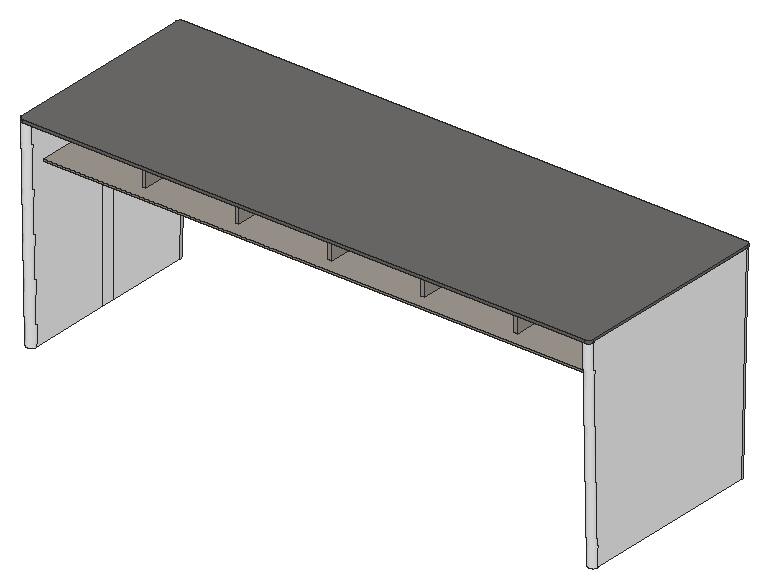
Revit family "Table-With_Shelf-Teknion-STCRT-Cavu_Parsons_Table-R2014", category Furniture, Revit 2014
Parameters (values of type "119" w x 42" d x 43" h")
  Width = 9' - 11"
  Warranty = "http://www.teknionstudio.com/pdfs/Teknion%20Studio%20Warranty.pdf"
  Unit Weight = 0.00 kip  # constant formula
  URL = "www.teknionstudio.com"
  Table Finish [instance] = Veneer - StudioTK - P7 - Weathered
  Shelf Offset = if(Width = 6' 0", 1' 6 21/32", if(Width = 7' 11", 1' 7 35/64", 1' 8 57/128"))  # 1' - 8 57/128"
  Shelf Finish [instance] = Veneer - StudioTK - P8 - Natural Oak
  Shelf Depth = if(Depth = 2' 0", 1' 2 3/4", 1' 4 1/4")  # 1' - 4 1/4"
  Series = "Studio"  # constant formula
  Second Shelf Visible = Depth = 3' 6"  # yes
  Product Page URL = ""
  Product Line = "Cavu"  # constant formula
  Product Documentation Link = "http://www.teknionstudio.com/pricing/STCRT_ppg.pdf"
  Part Number = "STCRT"  # constant formula
  Offset Second Shelf = if(Width = 9' 11", 1' 6 121/128", 0' 9 9/128")  # 1' - 6 121/128"
  Offset First Shelf = if(Width = 6' 0", 1' 4 157/256", if(Width = 7' 11", 2' 3 13/64", 3' 2 33/128"))  # 3' - 2 33/128"
  Nunmer of shelves = if(Width = 6' 0", 3, if(Width = 7' 11", 4, 5))  # 5
  Model = "STCRT1194243SN"
  Manufacturer Phone = "919-464-2920"  # constant formula
  Manufacturer Fax = "919-464-2927"  # constant formula
  Manufacturer Email = "customersupport@teknionstudio.com"
  Manufacturer Address = "3941 US 70 Business HWY West, Clayton, NC 27520"  # constant formula
  Manufacturer = "StudioTK"  # constant formula
  Low Emitting Material = yes
  Low Emitting Finish = yes
  Leg grommet offset = if(Depth = 2' 0", 0' 3", 1' 5 1/2")  # 1' - 5 1/2"
  Leg Offset Side B = if(Depth = 2' 0", 0' 1 1/16", 0' 2 5/16")  # 0' - 2 5/16"
  Height = 3' - 7"
  Gable Offset = if(Depth = 2' 0", 1' 3 1/2", 1' 5 1/2")  # 1' - 5 1/2"
  Description = "Cavu Parsons Table, 119\"W / 302cm, 42\"D / 107cm, 43\"H / 109cm, With Shelf, Without Power"
  Depth = 3' - 6"
  Base Finish [instance] = Metal - StudioTK - V - Painted Very White
  Assembly Code = "E2020200"
Types (13): name | Width | Shelf Offset | Shelf Depth | Second Shelf Visible | Offset Second Shelf | Offset First Shelf | Nunmer of shelves | Model | Manufacturer Email | Leg grommet offset | Leg Offset Side B | Height | Gable Offset | Description | Depth
  (no name) | 9' - 11" | 1' - 8 57/128" | 1' - 4 1/4" | yes | 1' - 6 121/128" | 3' - 2 33/128" | 5 | "STCRT1194243SN" | "customersupport@teknionstudio.com" | 1' - 5 1/2" | 0' - 2 5/16" | 3' - 7" | 1' - 5 1/2" | "Cavu Parsons Table, 119\"W / 302cm, 42\"D / 107cm, 43\"H / 109cm, With Shelf, Without Power" | 3' - 6"
  72" w x 24" d x 37" h | 6' - 0" | 1' - 6 21/32" | 1' - 2 3/4" | no | 0' - 9 9/128" | 1' - 4 157/256" | 3 | "STCRT722437SN" | "" | 0' - 3" | 0' - 1 1/16" | 3' - 1" | 1' - 3 1/2" | "Cavu Parsons Table, 72\"W / 183cm, 24\"D / 61cm, 37\"H / 94cm, With Shelf, Without Power" | 2' - 0"
  72" w x 24" d x 43" h | 6' - 0" | 1' - 6 21/32" | 1' - 2 3/4" | no | 0' - 9 9/128" | 1' - 4 157/256" | 3 | "STCRT722443SN" | "" | 0' - 3" | 0' - 1 1/16" | 3' - 7" | 1' - 3 1/2" | "Cavu Parsons Table, 72\"W / 183cm, 24\"D / 61cm, 43\"H / 109cm, With Shelf, Without Power" | 2' - 0"
  72" w x 42" d x 37" h | 6' - 0" | 1' - 6 21/32" | 1' - 4 1/4" | yes | 0' - 9 9/128" | 1' - 4 157/256" | 3 | "STCRT724237SN" | "" | 1' - 5 1/2" | 0' - 2 5/16" | 3' - 1" | 1' - 5 1/2" | "Cavu Parsons Table, 72\"W / 183cm, 42\"D / 107cm, 37\"H / 94cm, With Shelf, Without Power" | 3' - 6"
  72" w x 42" d x 43" h | 6' - 0" | 1' - 6 21/32" | 1' - 4 1/4" | yes | 0' - 9 9/128" | 1' - 4 157/256" | 3 | "STCRT724243SN" | "" | 1' - 5 1/2" | 0' - 2 5/16" | 3' - 7" | 1' - 5 1/2" | "Cavu Parsons Table, 72\"W / 183cm, 42\"D / 107cm, 43\"H / 109cm, With Shelf, Without Power" | 3' - 6"
  95" w x 24" d x 37" h | 7' - 11" | 1' - 7 35/64" | 1' - 2 3/4" | no | 0' - 9 9/128" | 2' - 3 13/64" | 4 | "STCRT952437SN" | "" | 0' - 3" | 0' - 1 1/16" | 3' - 1" | 1' - 3 1/2" | "Cavu Parsons Table, 95\"W / 241cm, 24\"D / 61cm, 37\"H / 94cm, With Shelf, Without Power" | 2' - 0"
  95" w x 24" d x 43" h | 7' - 11" | 1' - 7 35/64" | 1' - 2 3/4" | no | 0' - 9 9/128" | 2' - 3 13/64" | 4 | "STCRT952443SN" | "" | 0' - 3" | 0' - 1 1/16" | 3' - 7" | 1' - 3 1/2" | "Cavu Parsons Table, 95\"W / 241cm, 24\"D / 61cm, 43\"H / 109cm, With Shelf, Without Power" | 2' - 0"
  95" w x 42" d x 37" h | 7' - 11" | 1' - 7 35/64" | 1' - 4 1/4" | yes | 0' - 9 9/128" | 2' - 3 13/64" | 4 | "STCRT954237SN" | "" | 1' - 5 1/2" | 0' - 2 5/16" | 3' - 1" | 1' - 5 1/2" | "Cavu Parsons Table, 95\"W / 241cm, 42\"D / 107cm, 37\"H / 94cm, With Shelf, Without Power" | 3' - 6"
  95" w x 42" d x 43" h | 7' - 11" | 1' - 7 35/64" | 1' - 4 1/4" | yes | 0' - 9 9/128" | 2' - 3 13/64" | 4 | "STCRT954243SN" | "" | 1' - 5 1/2" | 0' - 2 5/16" | 3' - 7" | 1' - 5 1/2" | "Cavu Parsons Table, 95\"W / 241cm, 42\"D / 107cm, 43\"H / 109cm, With Shelf, Without Power" | 3' - 6"
  119" w x 24" d x 37" h | 9' - 11" | 1' - 8 57/128" | 1' - 2 3/4" | no | 1' - 6 121/128" | 3' - 2 33/128" | 5 | "STCRT1192437SN" | "" | 0' - 3" | 0' - 1 1/16" | 3' - 1" | 1' - 3 1/2" | "Cavu Parsons Table, 119\"W / 302cm, 24\"D / 61cm, 37\"H / 94cm, With Shelf, Without Power" | 2' - 0"
  119" w x 24" d x 43" h | 9' - 11" | 1' - 8 57/128" | 1' - 2 3/4" | no | 1' - 6 121/128" | 3' - 2 33/128" | 5 | "STCRT1192443SN" | "" | 0' - 3" | 0' - 1 1/16" | 3' - 7" | 1' - 3 1/2" | "Cavu Parsons Table, 119\"W / 302cm, 24\"D / 61cm, 43\"H / 109cm, With Shelf, Without Power" | 2' - 0"
  119" w x 42" d x 37" h | 9' - 11" | 1' - 8 57/128" | 1' - 4 1/4" | yes | 1' - 6 121/128" | 3' - 2 33/128" | 5 | "STCRT1194237SN" | "" | 1' - 5 1/2" | 0' - 2 5/16" | 3' - 1" | 1' - 5 1/2" | "Cavu Parsons Table, 119\"W / 302cm, 42\"D / 107cm, 37\"H / 94cm, With Shelf, Without Power" | 3' - 6"
  119" w x 42" d x 43" h | 9' - 11" | 1' - 8 57/128" | 1' - 4 1/4" | yes | 1' - 6 121/128" | 3' - 2 33/128" | 5 | "STCRT1194243SN" | "customersupport@teknionstudio.com" | 1' - 5 1/2" | 0' - 2 5/16" | 3' - 7" | 1' - 5 1/2" | "Cavu Parsons Table, 119\"W / 302cm, 42\"D / 107cm, 43\"H / 109cm, With Shelf, Without Power" | 3' - 6"
Reference planes (in)
  plane 1 "Center Front/Back": y = 0
  plane 2: z = 0
  plane 3 "Center Left/Right": x = 0
  plane 4 "Inside Left": x = -57.47
  plane 5 "Inside Right": x = 57.46875
  plane 6 "Front": y = -21
  plane 7 "Back": y = 21
  plane 8 "Left": x = -59.5
  plane 9 "Right": x = 59.5
  plane 10 "Top": z = 43
  plane 11 "Center Glable": y = -3.5
  plane 12: y = 3.5
  plane 13: x = -38.67969
  plane 14 "offset shelf left": x = -39.05469
  plane 15: x = 39.05469
  plane 16: x = 38.67969
  plane 17: x = -19.33984
  plane 18: x = -38.67969
  plane 19: x = 38.67969
  plane 20: x = -19.33984
  plane 21: x = 0
  plane 22: x = 19.33984
  plane 23: x = 0
  plane 24: x = 19.33984
Forms (in)
  Extrusion 1, solid, material "Veneer - StudioTK - P7 - Weathered" <- "Table Finish"
    sketch origin (0, 0, 0) x (1, 0, 0) y (0, 1, 0)
      loop
        arc (-58.5, 21) -> (-59.20711, 20.70711) -> (-59.5, 20) r 1
        line (-59.5, 20) -> (-59.5, -20)
        arc (-59.5, -20) -> (-59.20711, -20.70711) -> (-58.5, -21) r 1
        line (-58.5, -21) -> (58.5, -21)
        arc (58.5, -21) -> (59.20711, -20.70711) -> (59.5, -20) r 1
        line (59.5, -20) -> (59.5, 20)
        arc (59.5, 20) -> (59.20711, 20.70711) -> (58.5, 21) r 1
        line (58.5, 21) -> (-58.5, 21)
    from 42.5 to 43
  Extrusion 2, solid, material "Metal - StudioTK - V - Painted Very White" <- "Base Finish"
    sketch origin (0, 0, 0) x (1, 0, 0) y (0, 1, 0)
      loop
        line (-58.485, 1.1875) -> (-58.485, 1.0625) -> (-57.595, 1.0625) -> (-57.595, -1.1875) -> (-58.485, -1.1875) -> (-58.485, -1.3125) -> (-57.47, -1.3125) -> (-57.47, 1.1875) -> (-58.485, 1.1875)
    from 0 to 42.5
  Extrusion 3, solid, material "Metal - StudioTK - V - Painted Very White" <- "Base Finish"
    sketch origin (-57.47, 0, 0) x (0, 1, 0) y (0, 0, 1)
      loop
        line (-2, 42.5) -> (-3.5, 42.5) -> (-3.5, 29.63) -> (-2, 29.63) -> (-2, 29.75109) -> (-3.37891, 29.75109) -> (-3.37891, 42.37891) -> (-2, 42.37891) -> (-2, 42.5)
      loop
        line (2, 42.5) -> (2, 42.37891) -> (3.37891, 42.37891) -> (3.37891, 29.75109) -> (2, 29.75109) -> (2, 29.63) -> (3.5, 29.63) -> (3.5, 42.5) -> (2, 42.5)
    from 0 to 114.93875
  Blend 4, solid, material "Metal - StudioTK - V - Painted Very White" <- "Base Finish"
    base sketch origin (-11.5, 0, 0) x (1, 0, 0) y (0, 1, 0)
      loop
        arc (-48, -18.7) -> (-46.985, -19.715) -> (-45.97, -18.7) r 1.015
        line (-45.97, -18.7) -> (-45.97, -1.3125) -> (-46.985, -1.3125) -> (-46.985, 1.1875) -> (-45.97, 1.1875) -> (-45.97, 18.6875)
        arc (-45.97, 18.6875) -> (-46.985, 19.7025) -> (-48, 18.6875) r 1.015
        line (-48, 18.6875) -> (-48, -18.7)
    top sketch origin (-11.5, 0, 0) x (1, 0, 0) y (0, 1, 0)
      loop
        line (-48, 19.95) -> (-48, -19.9)
        arc (-48, -19.9) -> (-46.985, -20.915) -> (-45.97, -19.9) r 1.015
        line (-45.97, -19.9) -> (-45.97, -1.3125) -> (-46.985, -1.3125) -> (-46.985, 1.1875) -> (-45.97, 1.1875) -> (-45.97, 19.95)
        arc (-45.97, 19.95) -> (-46.985, 20.965) -> (-48, 19.95) r 1.015
    from 0 to 42.5
  Blend 5, solid, material "Metal - StudioTK - V - Painted Very White" <- "Base Finish"
    base sketch origin (11.5, 0, 0) x (-1, 0, 0) y (0, -1, 0)
      loop
        line (-48, 18.7) -> (-48, -18.6875)
        arc (-48, -18.6875) -> (-46.985, -19.7025) -> (-45.97, -18.6875) r 1.015
        line (-45.97, -18.6875) -> (-45.97, -1.1875) -> (-46.985, -1.1875) -> (-46.985, 1.3125) -> (-45.97, 1.3125) -> (-45.97, 18.7)
        arc (-45.97, 18.7) -> (-46.985, 19.715) -> (-48, 18.7) r 1.015
    top sketch origin (11.5, 0, 0) x (-1, 0, 0) y (0, -1, 0)
      loop
        arc (-48, -19.95) -> (-46.985, -20.965) -> (-45.97, -19.95) r 1.015
        line (-45.97, -19.95) -> (-45.97, -1.1875) -> (-46.985, -1.1875) -> (-46.985, 1.3125) -> (-45.97, 1.3125) -> (-45.97, 19.9)
        arc (-45.97, 19.9) -> (-46.985, 20.915) -> (-48, 19.9) r 1.015
        line (-48, 19.9) -> (-48, -19.95)
    from 0 to 42.5
  Extrusion 6, solid, material "Metal - StudioTK - V - Painted Very White" <- "Base Finish"
    sketch origin (0, 0, 0) x (-1, 0, 0) y (0, -1, 0)
      loop
        line (-58.485, -1.1875) -> (-57.46875, -1.1875) -> (-57.46875, 1.3125) -> (-58.485, 1.3125) -> (-58.485, 1.1875) -> (-57.59375, 1.1875) -> (-57.59375, -1.0625) -> (-58.485, -1.0625) -> (-58.485, -1.1875)
    from 0 to 42.5
  Extrusion 7, solid, material "Veneer - StudioTK - P8 - Natural Oak" <- "Shelf Finish"
    sketch origin (-57.47, 0, 0) x (0, 1, 0) y (0, 0, 1)
      loop
        line (-3.5, 42.5) -> (-17, 42.5) -> (-17, 42.125) -> (-14.1233, 41.75) -> (-4.25, 41.75) -> (-4.25, 34.3881) -> (-17, 34.3881) -> (-17, 34.0131) -> (-14.1233, 33.6381) -> (-3.5, 33.6381) -> (-3.5, 42.5)
    from 0 to 114.93875
  Extrusion 8, solid, material "Veneer - StudioTK - P8 - Natural Oak" <- "Shelf Finish", visible <- "Second Shelf Visible"
    sketch origin (-57.47, -9, 0) x (0, -1, 0) y (0, 0, -1)
      loop
        line (-12.5, -42.5) -> (-12.5, -33.6381) -> (-23.1233, -33.6381) -> (-26, -34.0131) -> (-26, -34.3881) -> (-13.25, -34.3881) -> (-13.25, -41.75) -> (-23.1233, -41.75) -> (-26, -42.125) -> (-26, -42.5) -> (-12.5, -42.5)
    from 0 to 114.93875
  Extrusion 9, solid, material "Veneer - StudioTK - P8 - Natural Oak" <- "Shelf Finish"
    sketch origin (-9.08771, 0, 0) x (1, 0, 0) y (0, 1, 0)
      loop
        line (-29.96697, -4.25) -> (-29.96697, -14.1233) -> (-29.21697, -14.1233) -> (-29.21697, -4.25) -> (-29.96697, -4.25)
    from 34.3881 to 41.75
  Extrusion 10, solid, material "Veneer - StudioTK - P8 - Natural Oak" <- "Shelf Finish"
    sketch origin (68.27166, 0, 0) x (1, 0, 0) y (0, 1, 0)
      loop
        line (-29.96697, -4.25) -> (-29.96697, -14.1233) -> (-29.21697, -14.1233) -> (-29.21697, -4.25) -> (-29.96697, -4.25)
    from 34.3881 to 41.75
  Extrusion 11, solid, material "Veneer - StudioTK - P8 - Natural Oak" <- "Shelf Finish"
    sketch origin (10.25213, 0, 0) x (1, 0, 0) y (0, 1, 0)
      loop
        line (-29.96697, -4.25) -> (-29.96697, -14.1233) -> (-29.21697, -14.1233) -> (-29.21697, -4.25) -> (-29.96697, -4.25)
    from 34.3881 to 41.75
  Extrusion 12, solid, material "Veneer - StudioTK - P8 - Natural Oak" <- "Shelf Finish", visible <- "Second Shelf Visible"
    sketch origin (-9.08771, 0, 0) x (1, 0, 0) y (0, 1, 0)
      loop
        line (-29.96697, 4.25) -> (-29.21697, 4.25) -> (-29.21697, 14.1233) -> (-29.96697, 14.1233) -> (-29.96697, 4.25)
    from 34.3881 to 41.75
  Extrusion 13, solid, material "Veneer - StudioTK - P8 - Natural Oak" <- "Shelf Finish", visible <- "Second Shelf Visible"
    sketch origin (68.27166, 0, 0) x (1, 0, 0) y (0, 1, 0)
      loop
        line (-29.96697, 4.25) -> (-29.21697, 4.25) -> (-29.21697, 14.1233) -> (-29.96697, 14.1233) -> (-29.96697, 4.25)
    from 34.3881 to 41.75
  Extrusion 14, solid, material "Veneer - StudioTK - P8 - Natural Oak" <- "Shelf Finish", visible <- "Second Shelf Visible"
    sketch origin (10.25213, 0, 0) x (1, 0, 0) y (0, 1, 0)
      loop
        line (-29.96697, 4.25) -> (-29.21697, 4.25) -> (-29.21697, 14.1233) -> (-29.96697, 14.1233) -> (-29.96697, 4.25)
    from 34.3881 to 41.75
  Extrusion 15, solid, material "Veneer - StudioTK - P8 - Natural Oak" <- "Shelf Finish"
    sketch origin (29.59197, 0, 0) x (1, 0, 0) y (0, 1, 0)
      loop
        line (-29.96697, -4.25) -> (-29.96697, -14.1233) -> (-29.21697, -14.1233) -> (-29.21697, -4.25) -> (-29.96697, -4.25)
    from 34.3881 to 41.75
  Extrusion 16, solid, material "Veneer - StudioTK - P8 - Natural Oak" <- "Shelf Finish"
    sketch origin (48.93182, 0, 0) x (1, 0, 0) y (0, 1, 0)
      loop
        line (-29.96697, -4.25) -> (-29.96697, -14.1233) -> (-29.21697, -14.1233) -> (-29.21697, -4.25) -> (-29.96697, -4.25)
    from 34.3881 to 41.75
  Extrusion 17, solid, material "Veneer - StudioTK - P8 - Natural Oak" <- "Shelf Finish", visible <- "Second Shelf Visible"
    sketch origin (29.59197, 0, 0) x (1, 0, 0) y (0, 1, 0)
      loop
        line (-29.96697, 4.25) -> (-29.21697, 4.25) -> (-29.21697, 14.1233) -> (-29.96697, 14.1233) -> (-29.96697, 4.25)
    from 34.3881 to 41.75
  Extrusion 18, solid, material "Veneer - StudioTK - P8 - Natural Oak" <- "Shelf Finish", visible <- "Second Shelf Visible"
    sketch origin (48.93182, 0, 0) x (1, 0, 0) y (0, 1, 0)
      loop
        line (-29.96697, 4.25) -> (-29.21697, 4.25) -> (-29.21697, 14.1233) -> (-29.96697, 14.1233) -> (-29.96697, 4.25)
    from 34.3881 to 41.75
Lines and regions (in)
  Masking region 1
    outline origin (0, 0, 0) x (1, 0, 0) y (0, 1, 0)
      loop
        arc (-58.5, 21) -> (-59.20711, 20.70711) -> (-59.5, 20) r 1
        line (-59.5, 20) -> (-59.5, -20)
        arc (-59.5, -20) -> (-59.20711, -20.70711) -> (-58.5, -21) r 1
        line (-58.5, -21) -> (58.5, -21)
        arc (58.5, -21) -> (59.20711, -20.70711) -> (59.5, -20) r 1
        line (59.5, -20) -> (59.5, 20)
        arc (59.5, 20) -> (59.20711, 20.70711) -> (58.5, 21) r 1
        line (58.5, 21) -> (-58.5, 21)
  symbolic lines, style "FurnitureHiddenLines", detail levels medium+fine
    curve 1: arc (-59.5, -19.9, 0) -> (-58.485, -20.915, 0) -> (-57.47, -19.9, 0) r 1.015
    curve 2: line (-59.5, 19.9375, 0) -> (-59.5, -19.9, 0)
    curve 3: arc (-57.47, 19.9375, 0) -> (-58.485, 20.9525, 0) -> (-59.5, 19.9375, 0) r 1.015
    curve 4: arc (59.5, 19.9375, 0) -> (58.485, 20.9525, 0) -> (57.47, 19.9375, 0) r 1.015
    curve 5: line (59.5, -19.9, 0) -> (59.5, 19.9375, 0)
    curve 6: arc (57.47, -19.9, 0) -> (58.485, -20.915, 0) -> (59.5, -19.9, 0) r 1.015
    curve 23: line (-57.47, -2, 0) -> (57.47, -2, 0)
    curve 24: line (-57.47, -3.37891, 0) -> (57.47, -3.37891, 0)
    curve 25: line (-57.47, 2, 0) -> (57.47, 2, 0)
    curve 26: line (-57.47, 3.37891, 0) -> (57.47, 3.37891, 0)
    curve 29: line (-57.47, -17, 0) -> (57.47, -17, 0)
    curve 73: line (-57.47, 1.1875, 0) -> (-57.47, 19.9375, 0)
    curve 74: line (-58.485, 1.1875, 0) -> (-57.47, 1.1875, 0)
    curve 75: line (-58.485, -1.3125, 0) -> (-58.485, 1.1875, 0)
    curve 76: line (-57.47, -1.3125, 0) -> (-58.485, -1.3125, 0)
    curve 77: line (-57.47, -19.9, 0) -> (-57.47, -1.3125, 0)
    curve 78: line (57.47, -1.3125, 0) -> (57.47, -19.9, 0)
    curve 79: line (58.485, -1.3125, 0) -> (57.46875, -1.3125, 0)
    curve 80: line (58.485, 1.1875, 0) -> (58.485, -1.3125, 0)
    curve 81: line (57.46875, 1.1875, 0) -> (58.485, 1.1875, 0)
    curve 82: line (57.47, 19.9375, 0) -> (57.47, 1.1875, 0)
  symbolic lines, style "FurnitureHiddenLines", detail levels fine
    curve 7: line (-57.47, 1.1875, 0) -> (-58.485, 1.1875, 0)
    curve 8: line (-57.47, -1.3125, 0) -> (-57.47, 1.1875, 0)
    curve 9: line (-58.485, -1.3125, 0) -> (-57.47, -1.3125, 0)
    curve 10: line (-58.485, -1.1875, 0) -> (-58.485, -1.3125, 0)
    curve 11: line (-57.595, -1.1875, 0) -> (-58.485, -1.1875, 0)
    curve 12: line (-57.595, 1.0625, 0) -> (-57.595, -1.1875, 0)
    curve 13: line (-58.485, 1.0625, 0) -> (-57.595, 1.0625, 0)
    curve 14: line (-58.485, 1.1875, 0) -> (-58.485, 1.0625, 0)
    curve 15: line (58.485, 1.0625, 0) -> (58.485, 1.1875, 0)
    curve 16: line (57.59375, 1.0625, 0) -> (58.485, 1.0625, 0)
    curve 17: line (57.59375, -1.1875, 0) -> (57.59375, 1.0625, 0)
    curve 18: line (58.485, -1.1875, 0) -> (57.59375, -1.1875, 0)
    curve 19: line (58.485, -1.3125, 0) -> (58.485, -1.1875, 0)
    curve 20: line (57.46875, 1.1875, 0) -> (57.46875, -1.3125, 0)
    curve 21: line (58.485, 1.1875, 0) -> (57.46875, 1.1875, 0)
    curve 22: line (57.46875, -1.3125, 0) -> (58.485, -1.3125, 0)
    curve 28: line (-57.47, -14.1233, 0) -> (57.47, -14.1233, 0)
    curve 31: line (-38.30469, -4.25, 0) -> (-39.05469, -4.25, 0)
    curve 32: line (-38.30469, -14.1233, 0) -> (-38.30469, -4.25, 0)
    curve 33: line (-39.05469, -14.1233, 0) -> (-38.30469, -14.1233, 0)
    curve 34: line (-39.05469, -4.25, 0) -> (-39.05469, -14.1233, 0)
    curve 35: line (39.05469, -4.25, 0) -> (38.30469, -4.25, 0)
    curve 36: line (39.05469, -14.1233, 0) -> (39.05469, -4.25, 0)
    curve 37: line (38.30469, -14.1233, 0) -> (39.05469, -14.1233, 0)
    curve 38: line (38.30469, -4.25, 0) -> (38.30469, -14.1233, 0)
    curve 39: line (-18.96484, -4.25, 0) -> (-19.71484, -4.25, 0)
    curve 40: line (-18.96484, -14.1233, 0) -> (-18.96484, -4.25, 0)
    curve 41: line (-19.71484, -14.1233, 0) -> (-18.96484, -14.1233, 0)
    curve 42: line (-19.71484, -4.25, 0) -> (-19.71484, -14.1233, 0)
    curve 43: line (0.375, -4.25, 0) -> (-0.375, -4.25, 0)
    curve 44: line (0.375, -14.1233, 0) -> (0.375, -4.25, 0)
    curve 45: line (-0.375, -14.1233, 0) -> (0.375, -14.1233, 0)
    curve 46: line (-0.375, -4.25, 0) -> (-0.375, -14.1233, 0)
    curve 47: line (19.71484, -4.25, 0) -> (18.96484, -4.25, 0)
    curve 48: line (19.71484, -14.1233, 0) -> (19.71484, -4.25, 0)
    curve 49: line (18.96484, -14.1233, 0) -> (19.71484, -14.1233, 0)
    curve 50: line (18.96484, -4.25, 0) -> (18.96484, -14.1233, 0)
    curve 72: line (-57.47, -4.25, 0) -> (57.47, -4.25, 0)
  symbolic lines, style "FurnitureHiddenLines", visible <- "Second Shelf Visible", detail levels fine
    curve 27: line (57.47, 14.1233, 0) -> (-57.47, 14.1233, 0)
    curve 51: line (-38.30469, 14.1233, 0) -> (-39.05469, 14.1233, 0)
    curve 52: line (-38.30469, 4.25, 0) -> (-38.30469, 14.1233, 0)
    curve 53: line (-39.05469, 4.25, 0) -> (-38.30469, 4.25, 0)
    curve 54: line (-39.05469, 14.1233, 0) -> (-39.05469, 4.25, 0)
    curve 55: line (39.05469, 14.1233, 0) -> (38.30469, 14.1233, 0)
    curve 56: line (39.05469, 4.25, 0) -> (39.05469, 14.1233, 0)
    curve 57: line (38.30469, 4.25, 0) -> (39.05469, 4.25, 0)
    curve 58: line (38.30469, 14.1233, 0) -> (38.30469, 4.25, 0)
    curve 59: line (-18.96484, 14.1233, 0) -> (-19.71484, 14.1233, 0)
    curve 60: line (-18.96484, 4.25, 0) -> (-18.96484, 14.1233, 0)
    curve 61: line (-19.71484, 4.25, 0) -> (-18.96484, 4.25, 0)
    curve 62: line (-19.71484, 14.1233, 0) -> (-19.71484, 4.25, 0)
    curve 63: line (0.375, 14.1233, 0) -> (-0.375, 14.1233, 0)
    curve 64: line (0.375, 4.25, 0) -> (0.375, 14.1233, 0)
    curve 65: line (-0.375, 4.25, 0) -> (0.375, 4.25, 0)
    curve 66: line (-0.375, 14.1233, 0) -> (-0.375, 4.25, 0)
    curve 67: line (19.71484, 14.1233, 0) -> (18.96484, 14.1233, 0)
    curve 68: line (19.71484, 4.25, 0) -> (19.71484, 14.1233, 0)
    curve 69: line (18.96484, 4.25, 0) -> (19.71484, 4.25, 0)
    curve 70: line (18.96484, 14.1233, 0) -> (18.96484, 4.25, 0)
    curve 71: line (57.47, 4.25, 0) -> (-57.47, 4.25, 0)
  symbolic lines, style "FurnitureHiddenLines", visible <- "Second Shelf Visible", detail levels medium+fine
    curve 30: line (57.47, 17, 0) -> (-57.47, 17, 0)
Dimensions and locks (in)
  equal spacing: plane 7 "Back", plane 1 "Center Front/Back", plane 6 "Front"
  "Depth": plane 7 "Back" to plane 6 "Front"
  "Width": plane 8 "Left" to plane 9 "Right"
  equal spacing: plane 8 "Left", plane 3 "Center Left/Right", plane 9 "Right"
  plane 8 "Left" to plane 4 "Inside Left" = 0' - 2.03"
  locked: plane 5 "Inside Right" to plane 9 "Right" at 2.03125
  "Height": plane 10 "Top" to level
  locked: plane 10 "Top" to Extrusion 1 at 0.5
  locked: Extrusion 2 sketch curve to Extrusion 2 sketch curve at 0.125
  locked: Extrusion 3 sketch curve to plane 11 "Center Glable" at 1.5  (x2)
  locked: Extrusion 3 sketch curve to plane 11 "Center Glable" at 0.12109
  locked: Extrusion 3 sketch curve to Extrusion 3 sketch curve at 0.12109  (x2)
  locked: Extrusion 3 sketch curve to Extrusion 3 sketch curve at 4  (x2)
  locked: Extrusion 3 sketch curve to Extrusion 3 sketch curve at 1.37891
  locked: Blend 4 sketch curve to Blend 4 sketch curve at 2.03
  Blend 4 sketch curve to Blend 4 sketch curve = 0' - 1.015"
  locked: Blend 4 sketch curve to Blend 4 sketch curve at 2.5
  locked: Blend 4 sketch curve to Blend 4 sketch curve at 1.015
  "Gable Offset": plane 11 "Center Glable" to plane 6 "Front"
  locked: Blend 5 sketch curve to Blend 5 sketch curve at 2.03
  Blend 5 sketch curve to Blend 5 sketch curve = 0' - 1.015"
  locked: Blend 5 sketch curve to Blend 5 sketch curve at 2.5
  locked: Blend 5 sketch curve to Blend 5 sketch curve at 1.015
  locked: Extrusion 6 sketch curve to Extrusion 6 sketch curve at 0.125  (x2)
  locked: plane 5 "Inside Right" to Extrusion 6 sketch curve at 0.125
  "Leg Offset Side B": plane 7 "Back" to Blend 4 sketch curve
  "Leg Offset Side B": plane 7 "Back" to Blend 5 sketch curve
  locked: plane 11 "Center Glable" to Extrusion 7 sketch curve at 0.75
  locked: plane 11 "Center Glable" to Extrusion 7 sketch curve at 13.5  (x2)
  locked: plane 11 "Center Glable" to Extrusion 7 sketch curve at 10.6233  (x2)
  plane 7 "Back" to plane 6 "Front" = 3' - 6"
  "Gable Offset": plane 7 "Back" to plane 12
  locked: plane 10 "Top" to Extrusion 8 sketch curve at 0.5
  locked: plane 10 "Top" to Extrusion 8 sketch curve at 1.25
  locked: plane 10 "Top" to Extrusion 8 sketch curve at 8.6119
  locked: plane 10 "Top" to Extrusion 8 sketch curve at 9.3619
  locked: Extrusion 8 sketch curve to plane 12 at 0.75
  locked: Extrusion 8 sketch curve to plane 12 at 13.5  (x2)
  locked: Extrusion 9 sketch curve to Extrusion 9 sketch curve at 0.75
  equal spacing: Extrusion 9 sketch curve, plane 13, Extrusion 9 sketch curve, locked at 0.375 each
  "Shelf Offset": plane 8 "Left" to plane 14 "offset shelf left"
  "Shelf Offset": plane 15 to plane 9 "Right"
  locked: Extrusion 10 sketch curve to Extrusion 10 sketch curve at 0.75
  equal spacing: Extrusion 10 sketch curve, plane 16, Extrusion 10 sketch curve, locked at 0.375 each
  equal spacing: group 1, group 3, group 7, group 8, group 2  (x3)
  locked: Extrusion 11 sketch curve to Extrusion 11 sketch curve at 0.75
  equal spacing: Extrusion 11 sketch curve, plane 17, Extrusion 11 sketch curve, locked at 0.375 each
  locked: Extrusion 12 sketch curve to Extrusion 12 sketch curve at 0.75
  equal spacing: Extrusion 12 sketch curve, plane 18, Extrusion 12 sketch curve, locked at 0.375 each
  locked: Extrusion 13 sketch curve to Extrusion 13 sketch curve at 0.75
  equal spacing: Extrusion 13 sketch curve, plane 19, Extrusion 13 sketch curve, locked at 0.375 each
  equal spacing: group 4, group 6, group 9, group 10, group 5  (x3)
  locked: Extrusion 14 sketch curve to Extrusion 14 sketch curve at 0.75
  equal spacing: Extrusion 14 sketch curve, plane 20, Extrusion 14 sketch curve, locked at 0.375 each
  locked: Extrusion 9 to plane 11 "Center Glable" at 0.75
  locked: Extrusion 10 to plane 11 "Center Glable" at 0.75
  plane 11 "Center Glable" to Extrusion 13 = 0' - 7 3/4"
  locked: plane 7 "Back" to Extrusion 12 at 6.8767
  plane 7 "Back" to Extrusion 13 = 0' - 6.8767"
  "Leg grommet offset": Blend 4 sketch curve to Blend 4 sketch curve
  "Leg grommet offset": Blend 5 sketch curve to Blend 5 sketch curve
  Extrusion 2 sketch curve to Extrusion 2 sketch curve to Extrusion 2 sketch curve to Extrusion 2 sketch curve = 0' - 0 1/8" locked, 0' - 2 1/4" locked, 0' - 0 1/8" locked
  locked: Extrusion 2 sketch curve to Extrusion 2 sketch curve at 1.015  (x2)
  locked: plane 10 "Top" to Extrusion 3 at 0.5  (x2)
  locked: plane 10 "Top" to Extrusion 9 at 1.25
  locked: Extrusion 15 sketch curve to Extrusion 15 sketch curve at 0.75
  equal spacing: Extrusion 15 sketch curve, plane 21, Extrusion 15 sketch curve, locked at 0.375 each
  locked: Extrusion 16 sketch curve to Extrusion 16 sketch curve at 0.75
  equal spacing: Extrusion 16 sketch curve, plane 22, Extrusion 16 sketch curve, locked at 0.375 each
  locked: Extrusion 17 sketch curve to Extrusion 17 sketch curve at 0.75
  equal spacing: Extrusion 17 sketch curve, plane 23, Extrusion 17 sketch curve, locked at 0.375 each
  locked: Extrusion 18 sketch curve to Extrusion 18 sketch curve at 0.75
  equal spacing: Extrusion 18 sketch curve, plane 24, Extrusion 18 sketch curve, locked at 0.375 each
  aligned and locked: level to plane 2
  aligned and locked: Masking region 1 sketch curve to Extrusion 1  (x4)
  aligned and locked: Extrusion 1 sketch curve to plane 7 "Back"
  aligned and locked: Extrusion 1 sketch curve to plane 6 "Front"
  aligned and locked: Extrusion 1 to plane 8 "Left"
  aligned and locked: Extrusion 1 sketch curve to plane 9 "Right"
  aligned and locked: Extrusion 1 to plane 10 "Top"
  aligned and locked: Extrusion 2 sketch curve to plane 4 "Inside Left"
  aligned and locked: Extrusion 2 to plane 2
  aligned and locked: Extrusion 3 sketch curve to plane 11 "Center Glable"
  aligned and locked: Extrusion 3 sketch curve to Extrusion 3 sketch curve  (x4)
  aligned and locked: Extrusion 3 to plane 4 "Inside Left"
  aligned and locked: plane 5 "Inside Right" to Extrusion 3
  aligned and locked: Blend 4 sketch curve to Blend 4 sketch curve
  aligned and locked: Blend 4 to plane 8 "Left"
  aligned and locked: plane 4 "Inside Left" to Blend 4
  aligned and locked: Blend 5 sketch curve to Blend 5 sketch curve
  aligned and locked: plane 9 "Right" to Extrusion 1
  aligned and locked: Extrusion 6 sketch curve to Blend 5  (x4)
  aligned and locked: Extrusion 6 sketch curve to plane 5 "Inside Right"
  aligned and locked: plane 11 "Center Glable" to Extrusion 7 sketch curve
  aligned and locked: Extrusion 7 sketch curve to Blend 4
  aligned and locked: plane 12 to Extrusion 8 sketch curve
  aligned and locked: plane 5 "Inside Right" to Extrusion 8
  aligned and locked: plane 5 "Inside Right" to Extrusion 7
  aligned and locked: Extrusion 9 to plane 14 "offset shelf left"
  aligned and locked: Extrusion 9 to Extrusion 7
  aligned and locked: Extrusion 7 to Extrusion 9
  aligned and locked: plane 15 to Extrusion 10
  aligned and locked: Extrusion 12 to plane 14 "offset shelf left"
  aligned and locked: Extrusion 12 to Extrusion 14
  aligned and locked: Blend 4 sketch curve to var sketch  (x2)
  aligned and locked: Blend 5 sketch curve to var sketch  (x2)
  aligned and locked: Extrusion 2 to Blend 4
  aligned and locked: Blend 4 to Extrusion 1
  aligned and locked: Extrusion 1 to Blend 4  (x10)
  aligned and locked: Blend 5 to Extrusion 1
  aligned and locked: Extrusion 10 to Extrusion 7
  aligned and locked: Extrusion 13 to Extrusion 7
  aligned and locked: Extrusion 12 to Extrusion 7
  aligned and locked: Extrusion 2 to Extrusion 1
  aligned and locked: Extrusion 6 to Extrusion 1
  aligned and locked: plane 15 to Extrusion 13
  aligned and locked: curve 1 to Blend 4
  aligned and locked: Extrusion 1 to curve 2
  aligned and locked: curve 6 to Blend 5
  aligned and locked: curve 7 to Extrusion 2
  aligned and locked: curve 8 to Extrusion 2
  aligned and locked: curve 9 to Extrusion 2
  aligned and locked: curve 10 to Extrusion 2
  aligned and locked: curve 11 to Extrusion 2
  aligned and locked: curve 12 to Extrusion 2
  aligned and locked: curve 13 to Extrusion 2
  aligned and locked: curve 14 to Extrusion 2
  aligned and locked: curve 15 to Extrusion 6
  aligned and locked: curve 16 to Extrusion 6
  aligned and locked: curve 17 to Extrusion 6
  aligned and locked: curve 18 to Extrusion 6
  aligned and locked: curve 19 to Extrusion 6
  aligned and locked: curve 20 to Extrusion 6
  aligned and locked: curve 21 to Extrusion 6
  aligned and locked: curve 22 to Extrusion 6
  aligned and locked: curve 23 to Extrusion 3
  aligned and locked: curve 24 to Extrusion 3
  aligned and locked: curve 25 to Extrusion 3
  aligned and locked: curve 26 to Extrusion 3
  aligned and locked: curve 27 to Extrusion 8
  aligned and locked: curve 28 to Extrusion 7
  aligned and locked: curve 29 to Extrusion 7
  aligned and locked: curve 30 to Extrusion 8
  aligned and locked: curve 31 to Extrusion 9
  aligned and locked: curve 32 to Extrusion 9
  aligned and locked: curve 33 to Extrusion 9
  aligned and locked: curve 34 to Extrusion 9
  aligned and locked: curve 35 to Extrusion 10
  aligned and locked: curve 36 to Extrusion 10
  aligned and locked: curve 37 to Extrusion 10
  aligned and locked: curve 38 to Extrusion 10
  aligned and locked: curve 39 to Extrusion 11
  aligned and locked: curve 40 to Extrusion 11
  aligned and locked: curve 41 to Extrusion 11
  aligned and locked: curve 42 to Extrusion 11
  aligned and locked: curve 43 to Extrusion 15
  aligned and locked: curve 44 to Extrusion 15
  aligned and locked: curve 45 to Extrusion 15
  aligned and locked: curve 46 to Extrusion 15
  aligned and locked: curve 47 to Extrusion 16
  aligned and locked: curve 48 to Extrusion 16
  aligned and locked: curve 49 to Extrusion 16
  aligned and locked: curve 50 to Extrusion 16
  aligned and locked: curve 51 to Extrusion 12
  aligned and locked: curve 52 to Extrusion 12
  aligned and locked: curve 53 to Extrusion 12
  aligned and locked: curve 54 to Extrusion 12
  aligned and locked: curve 55 to Extrusion 13
  aligned and locked: curve 56 to Extrusion 13
  aligned and locked: curve 57 to Extrusion 13
  aligned and locked: curve 58 to Extrusion 13
  aligned and locked: curve 59 to Extrusion 14
  aligned and locked: curve 60 to Extrusion 14
  aligned and locked: curve 61 to Extrusion 14
  aligned and locked: curve 62 to Extrusion 14
  aligned and locked: curve 63 to Extrusion 17
  aligned and locked: curve 64 to Extrusion 17
  aligned and locked: curve 65 to Extrusion 17
  aligned and locked: curve 66 to Extrusion 17
  aligned and locked: curve 67 to Extrusion 18
  aligned and locked: curve 68 to Extrusion 18
  aligned and locked: curve 69 to Extrusion 18
  aligned and locked: curve 70 to Extrusion 18
  aligned and locked: curve 71 to Extrusion 8
  aligned and locked: curve 72 to Extrusion 7
  aligned and locked: curve 73 to Blend 4
  aligned and locked: curve 74 to Blend 4
  aligned and locked: curve 75 to Blend 4
  aligned and locked: curve 76 to Blend 4
  aligned and locked: curve 78 to Blend 5
  aligned and locked: curve 79 to Blend 5
  aligned and locked: curve 80 to Blend 5
  aligned and locked: curve 81 to Blend 5
  aligned and locked: Blend 5 to curve 82
  aligned and locked: Blend 4 to plane 2
  aligned and locked: plane 2 to Blend 4  (x2)
  aligned and locked: Blend 4 sketch curve to plane 4 "Inside Left"  (x3)
  aligned and locked: Blend 4 sketch curve to plane 8 "Left"
Automatic sketch dimensions
  Extrusion 9 sketch curve to Extrusion 9 sketch curve = 0' - 9.8733"
  Extrusion 10 sketch curve to Extrusion 10 sketch curve = 0' - 9.8733"
  Extrusion 11 sketch curve to Extrusion 11 sketch curve = 0' - 9.8733"
  Extrusion 12 sketch curve to Extrusion 12 sketch curve = 0' - 9.8733"
  Extrusion 1 sketch curve to plane 8 "Left" = 0' - 0"
  plane 8 "Left" to Extrusion 1 sketch curve = 0' - 1"  (x2)
  Extrusion 1 sketch curve to Extrusion 1 sketch curve = 0' - 1"
  Extrusion 1 sketch curve to plane 9 "Right" = 0' - 1"
  Extrusion 2 sketch curve to plane 1 "Center Front/Back" = 0' - 1 1/16"
  Extrusion 3 sketch curve to plane 10 "Top" = 1' - 1.37"
  Extrusion 3 sketch curve to plane 10 "Top" = 0' - 0 159/256"
  Extrusion 3 sketch curve to Extrusion 3 sketch curve = 0' - 0 31/256"
  plane 6 "Front" to Blend 4 sketch curve = 0' - 1.1"
  Blend 4 sketch curve to plane 7 "Back" = 0' - 1.05"
  Blend 5 sketch curve to plane 9 "Right" = 0' - 0"  (x2)
  plane 9 "Right" to Blend 5 sketch curve = 0' - 1.015"  (x2)
  Blend 5 sketch curve to plane 6 "Front" = 0' - 1.1"
  plane 7 "Back" to Blend 5 sketch curve = 0' - 1.05"
  Extrusion 7 sketch curve to Extrusion 7 sketch curve = 0' - 0 3/8"  (x2)
  Extrusion 7 sketch curve to plane 10 "Top" = 0' - 1 1/4"
  Extrusion 7 sketch curve to Extrusion 7 sketch curve = 0' - 7.7369"
  Extrusion 7 sketch curve to Extrusion 7 sketch curve = 0' - 0 3/4"
  Extrusion 8 sketch curve to Extrusion 8 sketch curve = 0' - 2.8767"  (x2)
  Extrusion 8 sketch curve to Extrusion 8 sketch curve = 0' - 0 3/8"  (x2)
  Extrusion 13 sketch curve to Extrusion 13 sketch curve = 0' - 9.8733"
  Extrusion 14 sketch curve to Extrusion 14 sketch curve = 0' - 9.8733"
  plane 6 "Front" to Blend 4 sketch curve = 0' - 2.3"
  Blend 5 sketch curve to plane 6 "Front" = 0' - 2.3"
  curve 2 to plane 7 "Back" = 0' - 1 1/16"
  Extrusion 15 sketch curve to Extrusion 15 sketch curve = 0' - 9.8733"
  Extrusion 16 sketch curve to Extrusion 16 sketch curve = 0' - 9.8733"
  Extrusion 17 sketch curve to Extrusion 17 sketch curve = 0' - 9.8733"
  Extrusion 18 sketch curve to Extrusion 18 sketch curve = 0' - 9.8733"
  curve 32 to curve 32 = 0' - 9.8733"
  curve 34 to curve 32 = 0' - 0 3/4"
  curve 36 to curve 36 = 0' - 9.8733"
  curve 38 to curve 36 = 0' - 0 3/4"
  curve 40 to curve 40 = 0' - 9.8733"
  curve 42 to curve 40 = 0' - 0 3/4"
  curve 44 to curve 44 = 0' - 9.8733"
  curve 46 to curve 44 = 0' - 0 3/4"
  curve 48 to curve 48 = 0' - 9.8733"
  curve 50 to curve 48 = 0' - 0 3/4"
  curve 52 to curve 52 = 0' - 9.8733"
  curve 54 to curve 52 = 0' - 0 3/4"
  curve 56 to curve 56 = 0' - 9.8733"
  curve 58 to curve 56 = 0' - 0 3/4"
  curve 60 to curve 60 = 0' - 9.8733"
  curve 62 to curve 60 = 0' - 0 3/4"
  curve 64 to curve 64 = 0' - 9.8733"
  curve 66 to curve 64 = 0' - 0 3/4"
  curve 68 to curve 68 = 0' - 9.8733"
  curve 70 to curve 68 = 0' - 0 3/4"
  curve 4 to plane 7 "Back" = 0' - 1 1/16"
  curve 20 to curve 78 = 0' - 0"
